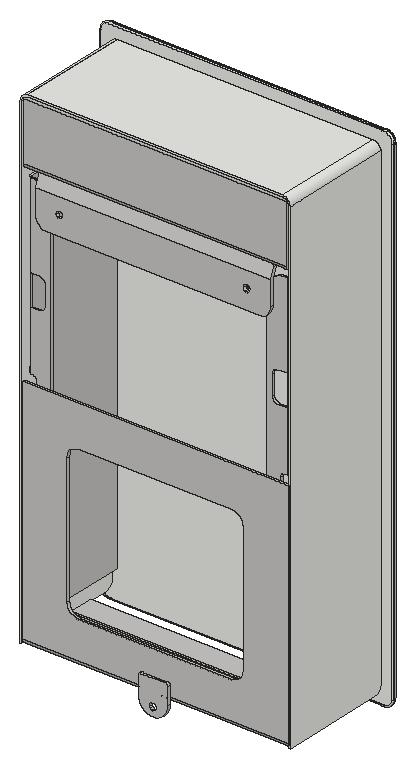
Revit family "DAN DRYER 4112", category Casework, host Wall, Revit 2018
Family settings
  Host = Wall
  OmniClass Number = 23.40.35.00
  OmniClass Title = Casework
  Always vertical = Yes
  Cut with Voids When Loaded = No
  Shared = No
  Room Calculation Point = No
Parameters (values of type "Type 1")
  URL = "https://www.dandryer.com/en-us/products/product-line-loki/4112-loki-sanitary-bin-11-l-white"
  Model = "DAN DRYER Hygiejnespand 11 L 4112"
  Manufacturer = "DAN DRYER A/S"
Reference planes
  plane 1: y = 0
  plane 2 "Center (Left/Right)": x = 125
  plane 3 "Back": y = 75
Text (mm)
  text "Placement side" at (-1343.702, 674.496, 0), in view "Ref. Level"
  text "Placement side" at (0, 1232.041, 2958.779), in view "Left"
  text "Placement side" at (0, 590.385, 3035.99), in view "Right"
Dimensions and locks
  locked: plane 3 "Back" to host wall at 0
  aligned and locked: plane 1 to host wall
  aligned and locked: nested 1 to plane 2 "Center (Left/Right)"
  aligned and locked: plane 3 "Back" to nested 1
Nested families
  nested 1: "DAN DRYER 4112" at (125, 77, 500) x (-1, 0, 0) z (0, 0, 1), type "DAN DRYER 4112-LOKI"
Definition of nested family "DAN DRYER 4112"
  Parameters (values of type "DAN DRYER 4112-LOKI")
    Width = 490.818 mm
    Shield = none
    Height = 1284.266 mm
    Depth = 313.871 mm
    Backplate = none
  Reference planes
    plane 1 "Center (Front/Back)": y = 0
    plane 2: z = 0
    plane 3 "Center (Left/Right)": x = 0
    plane 4: z = -28.007
  Forms (mm)
    Extrusion 1, solid, material <- "Shield"
      sketch origin (0, 0, 0) x (1, 0, 0) y (0, 0, 1)
        loop
          line (115, -210) -> (115, 203.5)
          arc (115, 203.5) -> (113.096, 208.096) -> (108.5, 210) r 6.5
          line (108.5, 210) -> (-108.5, 210)
          arc (-108.5, 210) -> (-113.096, 208.096) -> (-115, 203.5) r 6.5
          line (-115, 203.5) -> (-115, -210) -> (-113.5, -210) -> (-113.5, 203.5)
          arc (-113.5, 203.5) -> (-112.036, 207.036) -> (-108.5, 208.5) r 5
          line (-108.5, 208.5) -> (108.5, 208.5)
          arc (108.5, 208.5) -> (112.036, 207.036) -> (113.5, 203.5) r 5
          line (113.5, 203.5) -> (113.5, -210) -> (115, -210)
      from 0 to 96
    Extrusion 2, void
      sketch origin (0, 0, 0) x (0, 1, 0) y (0, 0, 1)
        loop
          line (-96.943, -203) -> (-96.943, -213.536) -> (-89, -213.536) -> (-89, -210)
          arc (-89, -210) -> (-93.95, -207.95) -> (-96, -203) r 7
          line (-96, -203) -> (-96.943, -203)
      from -116.887 to 116.939
    Extrusion 3, solid, material <- "Backplate"
      sketch origin (0, 0, 0) x (0, 1, 0) y (0, 0, 1)
        loop
          line (0, -10) -> (-2, -10) -> (-2, -207)
          arc (-2, -207) -> (-2.293, -207.707) -> (-3, -208) r 1
          line (-3, -208) -> (-72, -208) -> (-72, -210) -> (-3, -210)
          arc (-3, -210) -> (-0.879, -209.121) -> (0, -207) r 3
          line (0, -207) -> (0, -10)
      from -113.5 to 113.5
    Extrusion 4, void
      sketch origin (0, 0, 0) x (1, 0, 0) y (0, 0, 1)
        loop
          line (65, -45) -> (-65, -45)
          arc (-65, -45) -> (-72.071, -47.929) -> (-75, -55) r 10
          line (-75, -55) -> (-75, -165)
          arc (-75, -165) -> (-72.071, -172.071) -> (-65, -175) r 10
          line (-65, -175) -> (65, -175)
          arc (65, -175) -> (72.071, -172.071) -> (75, -165) r 10
          line (75, -165) -> (75, -55)
          arc (75, -55) -> (72.071, -47.929) -> (65, -45) r 10
      from 0 to 2
    Extrusion 5, solid, material <- "Backplate"
      sketch origin (0, 0, 0) x (1, 0, 0) y (0, 1, 0)
        loop
          line (-110.5, -6.443) -> (-109.5, -5.443) -> (109.5, -5.443) -> (110.5, -6.443) -> (110.5, -96.943) -> (112, -96.943) -> (112, -6.443) -> (109.5, -3.943) -> (-109.5, -3.943) -> (-112, -6.443) -> (-112, -96.943) -> (-110.5, -96.943) -> (-110.5, -6.443)
      from -195 to 145
    Extrusion 6, void
      sketch origin (0, 0, 0) x (1, 0, 0) y (0, 0, 1)
        loop
          arc (-106.929, 145) -> (-96.323, 140.607) -> (-91.929, 130) r 15
          line (-91.929, 130) -> (-91.929, -175) -> (92, -175) -> (92, 130)
          arc (92, 130) -> (96.393, 140.607) -> (107, 145) r 15
          line (107, 145) -> (-106.929, 145)
        loop
          arc (-101.656, 45.941) -> (-98.12, 47.405) -> (-96.656, 50.941) r 5
          line (-96.656, 50.941) -> (-96.656, 67.513)
          arc (-96.656, 67.513) -> (-98.12, 71.049) -> (-101.656, 72.513) r 5
          line (-101.656, 72.513) -> (-109.5, 72.513) -> (-109.5, 45.941) -> (-101.656, 45.941)
        loop
          line (101.656, 45.941) -> (109.5, 45.941) -> (109.5, 72.513) -> (101.656, 72.513)
          arc (101.656, 72.513) -> (98.12, 71.049) -> (96.656, 67.513) r 5
          line (96.656, 67.513) -> (96.656, 50.941)
          arc (96.656, 50.941) -> (98.12, 47.405) -> (101.656, 45.941) r 5
        loop
          arc (-104, -8) -> (-104.879, -5.879) -> (-107, -5) r 3
          line (-107, -5) -> (-112, -5) -> (-112, -45) -> (-107, -45)
          arc (-107, -45) -> (-104.879, -44.121) -> (-104, -42) r 3
          line (-104, -42) -> (-104, -8)
        loop
          line (104, -8) -> (104, -42)
          arc (104, -42) -> (104.879, -44.121) -> (107, -45) r 3
          line (107, -45) -> (112, -45) -> (112, -5) -> (107, -5)
          arc (107, -5) -> (104.879, -5.879) -> (104, -8) r 3
      from 0 to 26.932
    Extrusion 7, solid, material <- "Backplate"
      sketch origin (0, 0, 0) x (0, 1, 0) y (0, 0, 1)
        loop
          arc (-2.5, 207) -> (-1.793, 206.707) -> (-1.5, 206) r 1
          line (-1.5, 206) -> (-1.5, 156)
          arc (-1.5, 156) -> (-1.793, 155.293) -> (-2.5, 155) r 1
          line (-2.5, 155) -> (-12, 155) -> (-12, 153.5) -> (-2.5, 153.5)
          arc (-2.5, 153.5) -> (-0.732, 154.232) -> (0, 156) r 2.5
          line (0, 156) -> (0, 206)
          arc (0, 206) -> (-0.732, 207.768) -> (-2.5, 208.5) r 2.5
          line (-2.5, 208.5) -> (-12, 208.5) -> (-12, 207) -> (-2.5, 207)
      from -111.679 to 111.75
    Extrusion 8, solid, material <- "Backplate"
      sketch origin (0, 0, 0) x (0, 1, 0) y (0, 0, 1)
        loop
          line (2, 112.598) -> (2, 142.951) -> (-1.9, 153.666) -> (-1.9, 169.313) -> (-3.9, 169.313) -> (-3.9, 153.313) -> (0, 142.598) -> (0, 112.598) -> (2, 112.598)
      from -100 to 100
    Extrusion 9, void
      sketch origin (0, 0, 0) x (1, 0, 0) y (0, 0, 1)
        loop
          line (-102.12, 110.775) -> (102.88, 110.775) -> (102.88, 170.775) -> (-102.12, 170.775) -> (-102.12, 110.775)
        loop
          arc (-100, 122.598) -> (-97.071, 115.527) -> (-90, 112.598) r 10
          line (-90, 112.598) -> (90, 112.598)
          arc (90, 112.598) -> (97.071, 115.527) -> (100, 122.598) r 10
          line (100, 122.598) -> (100, 151.621)
          arc (100, 151.621) -> (99.45, 152.95) -> (98.121, 153.5) r 1.879
          line (98.121, 153.5) -> (90, 153.5) -> (90, 159.313)
          arc (90, 159.313) -> (87.071, 166.384) -> (80, 169.313) r 10
          line (80, 169.313) -> (60, 169.313)
          arc (60, 169.313) -> (52.929, 166.384) -> (50, 159.313) r 10
          line (50, 159.313) -> (50, 153.5) -> (-50, 153.5) -> (-50, 159.313)
          arc (-50, 159.313) -> (-52.929, 166.384) -> (-60, 169.313) r 10
          line (-60, 169.313) -> (-80, 169.313)
          arc (-80, 169.313) -> (-87.071, 166.384) -> (-90, 159.313) r 10
          line (-90, 159.313) -> (-90, 153.5) -> (-98.121, 153.5)
          arc (-98.121, 153.5) -> (-99.45, 152.95) -> (-100, 151.621) r 1.879
          line (-100, 151.621) -> (-100, 122.598)
        loop
          circle (-79.787, 129.484) r 2.981
        loop
          circle (79.787, 129.484) r 2.981
      from -4.385 to 8.214
    Extrusion 10, solid, material <- "Backplate"
      sketch origin (0, 0, 0) x (1, 0, 0) y (0, 0, 1)
        loop
          line (10.5, -196) -> (-10.5, -196)
          arc (-10.5, -196) -> (-11.914, -196.586) -> (-12.5, -198) r 2
          line (-12.5, -198) -> (-12.5, -213)
          arc (-12.5, -213) -> (0, -225.5) -> (12.5, -213) r 12.5
          line (12.5, -213) -> (12.5, -198)
          arc (12.5, -198) -> (11.914, -196.586) -> (10.5, -196) r 2
        loop
          circle (0, -217.939) r 2.974
      from -2 to 0
  Cuts and joins
    Extrusion 2 cuts Extrusion 1
    Extrusion 4 cuts Extrusion 3
    Extrusion 6 cuts Extrusion 5
    Extrusion 9 cuts Extrusion 8
  Dimensions and locks
    aligned and locked: level to plane 2
    aligned and locked: plane 3 "Center (Left/Right)" to nested 1
  Nested families
    nested 1: "Shield" at (0, -96.943, 0), type "Shield"
      with Width 250 mm, Insert visible no, Height 440 mm, Grove offset bottom 275 mm
  Definition of nested family "Shield"
    Parameters (values of type "Shield")
      Width = 131 mm
      Shield = none
      Insert visible = yes
      Insert = none
      Height = 300 mm
      Grove offset bottom = 24 mm
      Grove length = 136 mm
      Fillet = 8 mm
    Reference planes
      plane 1 "Center (Front/Back)": y = 0
      plane 2: z = 0
      plane 3 "Center (Left/Right)": x = 0
      plane 4: z = 150
      plane 5: z = -150
      plane 6: x = 65.5
      plane 7: x = -65.5
      plane 8: z = -126
      plane 9: z = 10
      plane 10: z = -129
      plane 11: z = 13
      plane 12: z = 17.7
    Forms (mm)
      Extrusion 1, solid, material <- "Shield"
        sketch origin (0, 0, 0) x (1, 0, 0) y (0, 0, 1)
          loop
            arc (-57.5, 150) -> (-63.157, 147.657) -> (-65.5, 142) r 8
            line (-65.5, 142) -> (-65.5, -142)
            arc (-65.5, -142) -> (-63.157, -147.657) -> (-57.5, -150) r 8
            line (-57.5, -150) -> (57.5, -150)
            arc (57.5, -150) -> (63.157, -147.657) -> (65.5, -142) r 8
            line (65.5, -142) -> (65.5, 142)
            arc (65.5, 142) -> (63.157, 147.657) -> (57.5, 150) r 8
            line (57.5, 150) -> (-57.5, 150)
          loop
            arc (-2.15, -126) -> (0, -128.15) -> (2.15, -126) r 2.15
            line (2.15, -126) -> (2.15, 10)
            arc (2.15, 10) -> (0, 12.15) -> (-2.15, 10) r 2.15
            line (-2.15, 10) -> (-2.15, -126)
        from 0 to 3
      Sweep 2, void
        path in 3D
          loop
            arc (-57.5, -3, 150) -> (-63.157, -3, 147.657) -> (-65.5, -3, 142) r 8
            line (-65.5, -3, 142) -> (-65.5, -3, -142)
            arc (-65.5, -3, -142) -> (-63.157, -3, -147.657) -> (-57.5, -3, -150) r 8
            line (-57.5, -3, -150) -> (57.5, -3, -150)
            arc (57.5, -3, -150) -> (63.157, -3, -147.657) -> (65.5, -3, -142) r 8
            line (65.5, -3, -142) -> (65.5, -3, 142)
            arc (65.5, -3, 142) -> (63.157, -3, 147.657) -> (57.5, -3, 150) r 8
            line (57.5, -3, 150) -> (-57.5, -3, 150)
        profile origin (0, -3, 150) x (0, -1, 0) y (0, 0, 1)
          loop
            line (0, 0) -> (-1, 0)
            arc (-1, 0) -> (-0.293, -0.293) -> (0, -1) r 1
            line (0, -1) -> (0, 0)
          loop
            line (-3, 0) -> (-3, -1)
            arc (-3, -1) -> (-2.707, -0.293) -> (-2, 0) r 1
            line (-2, 0) -> (-3, 0)
      Extrusion 3, solid, material <- "Insert", visible <- "Insert visible"
        sketch origin (0, 95.437, 0) x (1, 0, 0) y (0, 1, 0)
          loop
            line (-6.9, -94.3) -> (-6.9, -95.437) -> (6.9, -95.437) -> (6.9, -94.3) -> (-6.9, -94.3)
        from -129 to 13
      Extrusion 4, solid, material <- "Insert", visible <- "Insert visible"
        sketch origin (0, 95.437, 0) x (1, 0, 0) y (0, 1, 0)
          loop
            circle (0, -91.751) r 3.489
          loop
            circle (0, -91.751) r 2.544
        from -129 to 17.7
      Extrusion 5, solid, material <- "Insert", visible <- "Insert visible"
        sketch origin (0, 0, 0) x (1, 0, 0) y (0, 0, 1)
          loop
            arc (-1.9, -126) -> (0, -127.9) -> (1.9, -126) r 1.9
            line (1.9, -126) -> (1.9, 10)
            arc (1.9, 10) -> (0, 11.9) -> (-1.9, 10) r 1.9
            line (-1.9, 10) -> (-1.9, -126)
        from 0 to 2.5
    Cuts and joins
      Sweep 2 cuts Extrusion 1
      joined: Extrusion 3, Extrusion 4
    Lines and regions (mm)
      sketch lines
        curve 1: line (57.5, -3, 150) -> (-57.5, -3, 150)
        curve 2: arc (57.5, -3, 150) -> (63.157, -3, 147.657) -> (65.5, -3, 142) r 8
        curve 3: line (65.5, -3, -142) -> (65.5, -3, 142)
        curve 4: arc (-65.5, -3, 142) -> (-63.157, -3, 147.657) -> (-57.5, -3, 150) r 8
        curve 5: line (-65.5, -3, 142) -> (-65.5, -3, -142)
        curve 6: arc (-57.5, -3, -150) -> (-63.157, -3, -147.657) -> (-65.5, -3, -142) r 8
        curve 7: line (-57.5, -3, -150) -> (57.5, -3, -150)
        curve 8: arc (65.5, -3, -142) -> (63.157, -3, -147.657) -> (57.5, -3, -150) r 8
    Dimensions and locks
      equal spacing: plane 4, level, plane 5
      "Height": plane 4 to plane 5
      equal spacing: plane 6, plane 3 "Center (Left/Right)", plane 7
      "Width": plane 6 to plane 7
      "Grove length": plane 9 to plane 8
      "Grove offset bottom": plane 8 to plane 5
      locked: plane 10 to plane 8 at 3
      locked: plane 9 to plane 11 at 3
      locked: plane 11 to plane 12 at 4.7
      "Fillet": radius of Extrusion 1 sketch curve  (x4)
      aligned and locked: level to plane 2
      aligned and locked: Extrusion 1 sketch curve to plane 6
      aligned and locked: plane 7 to Extrusion 1 sketch curve
      aligned and locked: plane 5 to Extrusion 1 sketch curve
      aligned and locked: Extrusion 1 sketch curve to plane 4
      aligned and locked: Extrusion 3 to plane 10
      aligned and locked: Extrusion 3 to plane 11
      aligned and locked: Extrusion 4 to plane 10
      aligned and locked: Extrusion 4 to plane 12
    Automatic sketch dimensions
      Sweep 2 sketch curve to profile plane = 0 mm  (x3)
      profile plane to Sweep 2 sketch curve = 1 mm
      Sweep 2 sketch curve to Sweep 2 sketch curve = 1 mm  (x2)
      Extrusion 3 sketch curve to plane 3 "Center (Left/Right)" = 6.9 mm
      plane 3 "Center (Left/Right)" to Extrusion 3 sketch curve = 6.9 mm
      plane 1 "Center (Front/Back)" to Extrusion 3 sketch curve = 0 mm
      Extrusion 3 sketch curve to Extrusion 3 sketch curve = 1.137 mm
      Extrusion 4 sketch curve to Extrusion 4 sketch curve = 0 mm  (x2)
      Extrusion 4 sketch curve to plane 3 "Center (Left/Right)" = 0 mm
      Extrusion 4 sketch curve to plane 1 "Center (Front/Back)" = 3.686 mm
      Extrusion 5 sketch curve to plane 9 = 0 mm
      Extrusion 5 sketch curve to plane 8 = 0 mm
      Extrusion 5 sketch curve to plane 3 "Center (Left/Right)" = 0 mm
      Extrusion 5 sketch curve to plane 3 "Center (Left/Right)" = 1.9 mm
      Extrusion 1 sketch curve to plane 9 = 0 mm
      Extrusion 1 sketch curve to plane 8 = 0 mm
      Extrusion 1 sketch curve to plane 3 "Center (Left/Right)" = 0 mm
      Extrusion 1 sketch curve to Extrusion 1 sketch curve = 2.15 mm
      radius of Extrusion 4 sketch curve = 2.544 mm
      radius of Extrusion 4 sketch curve = 3.489 mm
